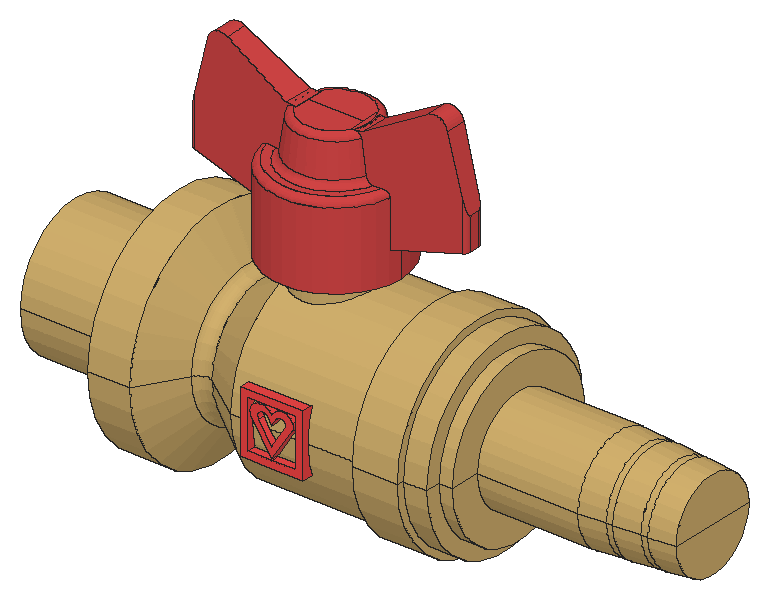
Revit family "KFE inkl. Schlauchtülle 2512", category Rohrzubehör, Revit 2020
Family settings
  Bemaßung runder Anschluss = Durchmesser verwenden
  Teiletyp = Normal
  OmniClass-Nummer = 23.65.55.14
  OmniClass-Titel = Valves for Liquid Services
  Arbeitsebenenbasiert = Nein
  Immer vertikal = Ja
  Beim Laden mit Abzugskörper schneiden = Nein
  Gemeinsam genutzt = Nein
Parameters
  min.Betriebstemperatur = -30 °C  # constant formula
  max.Betriebstemperatur = 110 °C  # constant formula
  max.Betriebsdruck = 1000000.0 Pa  # constant formula
  W1 = 60.00°  # constant formula
  Vorgabe-Ansicht = 0.000 mm
  URL = "www.herz-armaturen.at"
  Spindel = "Messing CW614N"  # constant formula
  SCTWSEQ = "ENT;AO;1"
  SCTWCODE = "01;10;01"  # constant formula
  SCRNSEQ = "ARM;ARM_TYP=\"ABSV\";1"
  SCRNCODE = "05;08;01"  # constant formula
  S04 = 6.500 mm  # constant formula
  S03 [instance] = (L06 / 2) + L07 + L08 + L09 + L100  # 36.750 mm
  S02 [instance] = L05 + (L06 / 2)  # 17.650 mm
  S01 [instance] = L00 - (L08 + L09 + L100)  # 62.000 mm
  R99 = 2.000 mm  # constant formula
  R01 [instance] = if(Nennweite = 15.000 mm, 5.500 mm, if(Nennweite = 20.000 mm, 6.000 mm, 1.000 mm))  # 6.000 mm
  Nennweite [instance] = 20.000 mm
  LO1 = 2.500 mm  # constant formula
  L12 = 3.800 mm  # constant formula
  L11 = 8.600 mm  # constant formula
  L100 = 14.600 mm  # constant formula
  L10 = 1.000 mm  # constant formula
  L09 = 13.400 mm  # constant formula
  L08 = 2.000 mm  # constant formula
  L07 = 3.500 mm  # constant formula
  L06 = 6.500 mm  # constant formula
  L05 [instance] = if(Nennweite = 15.000 mm, 11.000 mm, if(Nennweite = 20.000 mm, 14.400 mm, 1.000 mm))  # 14.400 mm
  L04 = 4.000 mm  # constant formula
  L03 [instance] = if(Nennweite = 15.000 mm, 4.000 mm, if(Nennweite = 20.000 mm, 6.000 mm, 1.000 mm))  # 6.000 mm
  L02 [instance] = if(Nennweite = 15.000 mm, 12.000 mm, if(Nennweite = 20.000 mm, 15.000 mm, 1.000 mm))  # 15.000 mm
  L01 [instance] = if(Nennweite = 15.000 mm, 32.000 mm, if(Nennweite = 20.000 mm, 37.600 mm, 1.000 mm))  # 37.600 mm
  L00 [instance] = if(Nennweite = 15.000 mm, 83.000 mm, if(Nennweite = 20.000 mm, 92.000 mm, 1.000 mm))  # 92.000 mm
  Kugel = "geschmiedetes CW617N, volle Bohrung, Oberfläche verchromt"  # constant formula
  Knebel = "Aluminium rot beschichtet"  # constant formula
  Hersteller = "Herz-Armaturen GmbH"  # constant formula
  H01 [instance] = if(Nennweite = 15.000 mm, 17.000 mm, if(Nennweite = 20.000 mm, 21.000 mm, 1.000 mm))  # 21.000 mm
  H00 [instance] = if(Nennweite = 15.000 mm, 37.000 mm, if(Nennweite = 20.000 mm, 40.000 mm, 1.000 mm))  # 40.000 mm
  Gehäuse = "geschmiedetes Messing CW617N"  # constant formula
  G01 [instance] = Nennweite / 2  # 10.000 mm
  Dichtungen = "Kugel: PTFE, Spindel: PTFE"  # constant formula
  D07 = 6.500 mm  # constant formula
  D06 = 7.500 mm  # constant formula
  D05 = 11.900 mm  # constant formula
  D04 = 14.000 mm  # constant formula
  D03 = 15.000 mm  # constant formula
  D02 [instance] = if(Nennweite = 15.000 mm, 11.700 mm, if(Nennweite = 20.000 mm, 13.900 mm, 1.000 mm))  # 13.900 mm
  D01 [instance] = if(Nennweite = 15.000 mm, 13.400 mm, if(Nennweite = 20.000 mm, 16.500 mm, 1.000 mm))  # 16.500 mm
  Betriebsdaten = "Heizungswasser nach ÖNORM H5195 oder VDI- Richtlinie 2035.\r\nDie Verwendung von Ethylen-, oder Propyleneglykol in einem Mischungsverhältnis 25- 50% ist zulässig."
  Bestellnummer [instance] = if(Nennweite = 15.000 mm, 1251201, if(Nennweite = 20.000 mm, 1251202, 0))  # 1251202
  Anwendungsgebiet = "Die Entleerungshähne werden als Füll- und Entleerungshähne verwendet. Anwendungsgebiete sind in haustechnischen Anlagen, wie z.B. in Heizungs- oder Kaltwasseranlagen für die Klimatisierung von Gebäuden. Aromatische Chlorkohlenwasserstoffe wie in Erdgas oder Erdölen vorkommend, zerstören die EPDM- Dichtungen"
Reference planes
  plane 1 "Mitte (Vorne/hinten)": y = 0
  plane 2: z = 0
  plane 3 "Mitte (Links/rechts)": x = 0
Forms (mm)
  Revolve 1, solid, material "Messing", detail levels fine
    sketch origin (0, 0, 0) x (1, 0, 0) y (0, 1, 0)
      loop
        line (54.4, 0) -> (54.4, 6.5) -> (50.6, 6.832) -> (49.6, 6.832) -> (45.8, 7.165) -> (44.8, 7.168) -> (41, 7.5) -> (26.4, 7.5) -> (26.4, 11.9) -> (24.4, 11.9) -> (24.4, 14) -> (20.9, 14) -> (20.9, 15) -> (14.4, 15) -> (14.4, 13.9) -> (-4, 13.9) -> (-10.533, 9.187)
        arc (-10.533, 9.187) -> (-11.878, 9.216) -> (-12.9, 10.091) r 2
        line (-12.9, 10.091) -> (-16.6, 16.5) -> (-22.6, 16.5) -> (-22.6, 10) -> (-37.6, 10) -> (-37.6, 0) -> (54.4, 0)
      axis (54.4, 0) -> (-37.6, 0)
    angle from 0 to 360
  Revolve 2, solid, material "Messing", detail levels fine
    sketch origin (0, 0, 0) x (1, 0, 0) y (0, 0, 1)
      loop
        line (0, 0) -> (0, 21) -> (-6, 21) -> (-6, 0) -> (0, 0)
      axis (0, 21) -> (0, 0)
    angle from 0 to 360
Lines and regions (mm)
  model lines, detail levels coarse+medium
    curve 1: line (-37.6, 0, 0) -> (24.4, 0, 0)
    curve 2: line (17.65, 0, 15) -> (17.65, 0, -15)
    curve 3: line (24.4, 0, 0) -> (54.4, 0, -6.5)
    curve 4: line (17.65, 15, 0) -> (17.65, -15, 0)
    curve 5: line (24.4, 0, 0) -> (54.4, -6.5, 0)
Dimensions and locks
  "L00": Revolve 1 sketch curve to Revolve 1 sketch curve
  "L01": Revolve 1 sketch curve to plane 3 "Mitte (Links/rechts)"
  "L02": Revolve 1 sketch curve to Revolve 1 sketch curve
  "L03": Revolve 1 sketch curve to Revolve 1 sketch curve
  "L04": Revolve 1 sketch curve to plane 3 "Mitte (Links/rechts)"
  "L05": plane 3 "Mitte (Links/rechts)" to Revolve 1 sketch curve
  "L06": Revolve 1 sketch curve to Revolve 1 sketch curve
  "L07": Revolve 1 sketch curve to Revolve 1 sketch curve
  "L08": Revolve 1 sketch curve to Revolve 1 sketch curve
  "L12": Revolve 1 sketch curve to Revolve 1 sketch curve
  "L10": Revolve 1 sketch curve to Revolve 1 sketch curve  (x2)
  "L11": Revolve 1 sketch curve to Revolve 1 sketch curve
  "L09": Revolve 1 sketch curve to Revolve 1 sketch curve
  "L100": Revolve 1 sketch curve to Revolve 1 sketch curve
  "H01": Revolve 2 sketch curve to plane 2
  "R01": plane 3 "Mitte (Links/rechts)" to Revolve 2 sketch curve
  "H00": nested 1 to plane 2
  "S01": curve 1 to curve 1
  "L01": plane 3 "Mitte (Links/rechts)" to curve 1
  "S02": plane 3 "Mitte (Links/rechts)" to curve 2
  "S03": curve 2 to curve 3
  "S04": plane 2 to curve 3
  "S02": plane 3 "Mitte (Links/rechts)" to curve 4
  "S03": curve 4 to curve 5
  "S04": curve 5 to plane 1 "Mitte (Vorne/hinten)"
  "G01": plane 1 "Mitte (Vorne/hinten)" to Revolve 1 sketch curve
  "D01": plane 1 "Mitte (Vorne/hinten)" to Revolve 1 sketch curve
  "D02": Revolve 1 sketch curve to plane 1 "Mitte (Vorne/hinten)"
  "D03": plane 1 "Mitte (Vorne/hinten)" to Revolve 1 sketch curve
  "D04": plane 1 "Mitte (Vorne/hinten)" to Revolve 1 sketch curve
  "D05": plane 1 "Mitte (Vorne/hinten)" to Revolve 1 sketch curve
  "D06": plane 1 "Mitte (Vorne/hinten)" to Revolve 1 sketch curve
  "D07": plane 1 "Mitte (Vorne/hinten)" to Revolve 1 sketch curve
  "D02": nested 2 to plane 1 "Mitte (Vorne/hinten)"
  "LO1": plane 3 "Mitte (Links/rechts)" to nested 2
  "R99": radius of Revolve 1 sketch curve
  angle Revolve 1 sketch curve to Revolve 1 sketch curve = 95.00°  (x3)
  "W1": angle Revolve 1 sketch curve to Revolve 1 sketch curve
  aligned and locked: level to plane 2
Automatic sketch dimensions
  Revolve 2 sketch curve to level = 0.000 mm
  Revolve 2 sketch curve to plane 3 "Mitte (Links/rechts)" = 0.000 mm  (x2)
  Revolve 2 sketch curve to level = 366.045 mm
  Revolve 2 sketch curve to Revolve 2 sketch curve = 2197.315 mm
  curve 1 to level = 0.000 mm
  curve 2 to level = 15.000 mm
  level to curve 2 = 15.000 mm
  plane 1 "Mitte (Vorne/hinten)" to curve 5 = 0.000 mm
  curve 4 to curve 5 = 6.750 mm
  plane 1 "Mitte (Vorne/hinten)" to curve 4 = 15.000 mm
  curve 4 to plane 1 "Mitte (Vorne/hinten)" = 15.000 mm
  Revolve 1 sketch curve to plane 1 "Mitte (Vorne/hinten)" = 0.000 mm
  plane 1 "Mitte (Vorne/hinten)" to Revolve 1 sketch curve = 0.000 mm
  Revolve 1 sketch curve to plane 1 "Mitte (Vorne/hinten)" = 10.091 mm
  Revolve 1 sketch curve to Revolve 1 sketch curve = 1.736 mm
  Revolve 1 sketch curve to plane 1 "Mitte (Vorne/hinten)" = 9.187 mm
  Revolve 1 sketch curve to Revolve 1 sketch curve = 1968.000 mm
  Revolve 1 sketch curve to Revolve 1 sketch curve = 1949.000 mm
Nested families
  nested 1: "Flügelgriff rot" at (0, 0, 16.1), type "Flügelgriff rot", detail levels fine
  nested 2: "Herz-Logo-vorne" at (2.5, -13.9, 0) x (0, 1, 0) z (0, 0, 1), type "Herz-Logo-vorne"
Connectors
  piping at (-37.6, 0, 0), diameter 20, driven by "Nennweite"
    settings: on Revolve 1, index 1, connector inside diameter 609.6 mm, connector length 0.000 mm, flow factor 0, pipe flow 0.0 L/s, pressure drop 0.0 Pa, fitting loss kfactor 0, connector angle 0.00°, fixture units 0, engagement length 0.000 mm, angle of deflection 0.00°, flow configuration 0, flow direction 0, fitting loss method 0, system type 29, joint type 0, gender type 0, connector reference index -1, connector utility 0, adjustable connector no, is connector primary yes, connector description ""
Definition of nested family "Flügelgriff rot"
  Parameters (values of type "Flügelgriff rot")
    Default Elevation = 0.000 mm
  Reference planes
    plane 1 "Mitte (Vorne/hinten)": y = 0
    plane 2: z = 0
    plane 3 "Mitte (Links/rechts)": x = 0
  Forms (mm)
    Revolve 1, solid, detail levels fine
      sketch origin (0, 0, 0) x (1, 0, 0) y (0, 0, 1)
        loop
          line (0, 0) -> (0, 18.5) -> (-4.81, 18.5)
          arc (-4.81, 18.5) -> (-5.477, 18.248) -> (-5.81, 17.616) r 1.009
          line (-5.81, 17.616) -> (-6.39, 12.983)
          arc (-6.39, 12.983) -> (-6.723, 12.352) -> (-7.39, 12.1) r 1.008
          line (-7.39, 12.1) -> (-8.543, 12.1)
          arc (-8.543, 12.1) -> (-9.22, 11.82) -> (-9.5, 11.143) r 0.957
          line (-9.5, 11.143) -> (-9.5, 0) -> (0, 0)
        axis (0, 18.5) -> (0, 0)
      angle from 0 to 360
    Extrusion 2, solid, detail levels fine
      sketch origin (0, 0, 0) x (1, 0, 0) y (0, 1, 0)
        loop
          arc (-20, -0.627) -> (-19.829, -1.058) -> (-19.409, -1.256) r 0.63
          line (-19.409, -1.256) -> (-4, -2.231) -> (-4, 2.225) -> (-19.471, 1.312)
          arc (-19.471, 1.312) -> (-19.847, 1.137) -> (-20, 0.752) r 0.562
          line (-20, 0.752) -> (-20, -0.627)
        loop
          line (20, -0.627) -> (20, 0.752)
          arc (20, 0.752) -> (19.847, 1.137) -> (19.471, 1.312) r 0.562
          line (19.471, 1.312) -> (4.042, 2.223) -> (4.042, -2.228) -> (19.409, -1.256)
          arc (19.409, -1.256) -> (19.829, -1.058) -> (20, -0.627) r 0.63
      from 4.6 to 23.9
    Extrusion 3, void
      sketch origin (0, 0, 0) x (1, 0, 0) y (0, 0, 1)
        loop
          line (-9.5, 4.6) -> (-20, 7.413) -> (-20, 4.6) -> (-9.5, 4.6)
        loop
          line (9.5, 4.6) -> (20, 4.6) -> (20, 7.413) -> (9.5, 4.6)
      from 5 to -5
    Extrusion 4, void
      sketch origin (0, 0, 0) x (1, 0, 0) y (0, 0, 1)
        loop
          line (-5.5, 18.5) -> (5.5, 18.5) -> (14.401, 23.633)
          arc (14.401, 23.633) -> (16.174, 23.744) -> (17.336, 22.401) r 2
          line (17.336, 22.401) -> (20, 12.113) -> (20, 25.076) -> (-20, 25.076) -> (-20, 12.113) -> (-17.336, 22.401)
          arc (-17.336, 22.401) -> (-16.174, 23.744) -> (-14.401, 23.633) r 2
          line (-14.401, 23.633) -> (-5.5, 18.5)
      from 5 to -5
  Cuts and joins
    Extrusion 3, Extrusion 4 cuts Extrusion 2
    Extrusion 4 cuts Revolve 1
  Dimensions and locks
    aligned and locked: level to plane 2
Definition of nested family "Herz-Logo-vorne"
  Parameters (values of type "Herz-Logo-vorne")
    Default Elevation = 0.000 mm
  Reference planes
    plane 1 "Mitte (Vorne/hinten)": y = 0
    plane 2: z = 0
    plane 3 "Mitte (Links/rechts)": x = 0
  Forms (mm)
    Extrusion 1, solid
      sketch origin (0.732, -0.018, 0.017) x (0, -1, 0) y (0, 0, 1)
        loop
          line (-0.018, -4.517) -> (4.482, -4.517) -> (4.482, 4.483) -> (-4.518, 4.483) -> (-4.518, -4.517) -> (-0.018, -4.517)
        loop
          line (-0.05, -3.48) -> (3.482, -3.48) -> (3.482, 3.483) -> (-3.518, 3.483) -> (-3.518, -3.48) -> (-0.05, -3.48)
        loop
          arc (-0.018, 2.383) -> (-1.543, 3.287) -> (-3.067, 2.383) r 1.738
          arc (-3.067, 2.383) -> (-3.191, 1.899) -> (-3.067, 1.415) r 1.009
          line (-3.067, 1.415) -> (-0.018, -3.281) -> (3.032, 1.415)
          arc (3.032, 1.415) -> (3.156, 1.899) -> (3.032, 2.383) r 1.009
          arc (3.032, 2.383) -> (1.507, 3.287) -> (-0.018, 2.383) r 1.738
        loop
          arc (1.885, 1.272) -> (2.005, 1.675) -> (1.885, 2.079) r 0.74
          arc (1.885, 2.079) -> (1.265, 2.416) -> (0.644, 2.079) r 0.74
          line (0.644, 2.079) -> (-0.018, 0.97) -> (-0.679, 2.079)
          arc (-0.679, 2.079) -> (-1.3, 2.416) -> (-1.921, 2.079) r 0.74
          arc (-1.921, 2.079) -> (-2.04, 1.675) -> (-1.921, 1.272) r 0.74
          line (-1.921, 1.272) -> (-0.018, -1.658) -> (1.885, 1.272)
      from 0 to 1.5
  Dimensions and locks
    aligned and locked: level to plane 2
